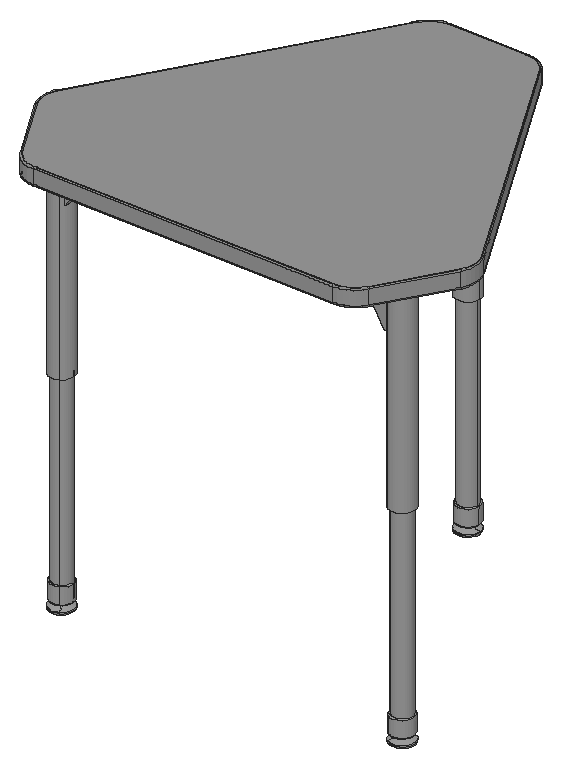
Revit family "Hierarchy Monroe Petite Desk", category Furniture, Revit 2018
Family settings
  Work Plane-Based = No
  Always vertical = Yes
  Cut with Voids When Loaded = No
  Shared = No
  Room Calculation Point = No
Parameters
  Table Height = 2' - 5"
  Surface = Hierarchy Monroe Petite Desk Surface
  Leg Finish = Hierarchy Leg Platinum
  Edgeband = Hierarchy Monroe Petite Desk Edgeband
  Caster/Glide = Hierarchy Leg - Glide : Hierarchy Leg - Glide
Reference planes (in)
  plane 1 "Center (Front/Back)": y = 0
  plane 2: z = 0
  plane 3 "Center (Left/Right)": x = 0
  plane 4: z = 29
Dimensions and locks (in)
  "Table Height": plane 4 to level
  aligned and locked: plane 2 to level
  aligned and locked: nested 3 to plane 4
Nested families (in)
  nested 1: "Hierarchy Leg - Glide" at (12.00931, -12.55551, 0) x (-0.5, -0.866, 0) z (0, 0, 1), Leg Finish <- "Leg Finish", Leg Height <- "Table Height", type "Hierarchy Leg - Glide"
    with Leg Height 2' - 5", Leg Finish Hierarchy Leg Platinum
  nested 2: "Hierarchy Leg - Glide" at (0, 8.24523, 0), Leg Finish <- "Leg Finish", Leg Height <- "Table Height", type <- "Caster/Glide", type "Hierarchy Leg - Glide"
  nested 3: "Hierarchy Monroe Petite Tabletop" at (0, 0, 5.075), type "Hierarchy Monroe Petite Tabletop"
  nested 4: "Hierarchy Leg - Glide" at (-12.00931, -12.55551, 0) x (0.5, -0.866, 0) z (0, 0, 1), type <- "Caster/Glide", Leg Finish <- "Leg Finish", Leg Height <- "Table Height", type "Hierarchy Leg - Glide"
Definition of nested family "Hierarchy Leg - Glide"
  Parameters (values of type "Hierarchy Leg - Glide")
    Leg Finish [instance] = none
    Leg Height [instance] = 2' - 5"
  Reference planes (in)
    plane 1 "Center (Front/Back)": y = 0
    plane 2: z = 0
    plane 3 "Center (Left/Right)": x = 0
  Forms (in)
    Extrusion 1, solid
      sketch origin (-0.01562, 0, 0) x (1, 0, 0) y (0, 1, 0)
        loop
          circle (0.01563, 0) r 0.67016
      from 0.67618 to 16.17618
    Revolve 2, solid
      sketch origin (0, 0, 0) x (1, 0, 0) y (0, 0, 1)
        loop
          line (-0.73189, 1.80118) -> (-0.79439, 1.73867) -> (-0.79439, 0.61381) -> (-0.73176, 0.55118) -> (-0.125, 0.55118) -> (-0.125, 0.42618) -> (-0.84656, 0.16241) -> (-0.84656, 0.08994) -> (-0.81359, 0) -> (0, 0) -> (0, 1.80118) -> (-0.73189, 1.80118)
        axis (0, 1.80118) -> (0, 0)
      angle from 0 to 360
  Dimensions and locks (in)
    "Leg Height": nested 1 to level
    aligned and locked: plane 2 to level
  Automatic sketch dimensions
    plane 1 "Center (Front/Back)" to Extrusion 1 sketch curve = 0' - 0"
    Extrusion 1 sketch curve to plane 3 "Center (Left/Right)" = 0' - 0"
    Revolve 2 sketch curve to level = 0' - 0"
    Revolve 2 sketch curve to plane 3 "Center (Left/Right)" = 0' - 0"  (x2)
    Revolve 2 sketch curve to plane 3 "Center (Left/Right)" = 0' - 0 1/8"
    Revolve 2 sketch curve to Revolve 2 sketch curve = 0' - 0.60676"
    Revolve 2 sketch curve to Revolve 2 sketch curve = 0' - 0.73189"
    Revolve 2 sketch curve to Revolve 2 sketch curve = 0' - 0.06263"  (x2)
    Revolve 2 sketch curve to Revolve 2 sketch curve = 0' - 0.08183"
    Revolve 2 sketch curve to Revolve 2 sketch curve = 0' - 0.03297"
    level to Revolve 2 sketch curve = 0' - 0.08994"
    Revolve 2 sketch curve to Revolve 2 sketch curve = 0' - 0.07247"
    level to Revolve 2 sketch curve = 0' - 0.42618"
    Revolve 2 sketch curve to Revolve 2 sketch curve = 0' - 0 1/8"
    Revolve 2 sketch curve to Revolve 2 sketch curve = 0' - 1.12486"
    Revolve 2 sketch curve to Revolve 2 sketch curve = 0' - 0 1/16"
    Revolve 2 sketch curve to level = 2' - 0"
    Revolve 2 sketch curve to Revolve 2 sketch curve = 8' - 4.91764"
    radius of Extrusion 1 sketch curve = 0' - 0.67016"
  Nested families (in)
    nested 1: "Hierarchy Upper Leg 2023" at (0, 0, 1.19783), Shapes Leg Finish <- "Leg Finish", type "Hierarchy Upper Leg 2023"
      with Shapes Leg Finish none
  Definition of nested family "Hierarchy Upper Leg 2023"
    Parameters (values of type "Hierarchy Upper Leg 2023")
      Shapes Leg Finish [instance] = none
    Reference planes (in)
      plane 1 "Center (Front/Back)": y = 0
      plane 2: z = 0
      plane 3 "Center (Left/Right)": x = 0
    Forms (in)
      Extrusion 1, solid, material <- "Shapes Leg Finish"
        sketch origin (0, 0, 0) x (1, 0, 0) y (0, 1, 0)
          loop
            circle (0, 0) r 0.84802
        from 13.67618 to 27.67618
      Extrusion 2, solid, material <- "Shapes Leg Finish"
        sketch origin (0, 0, 0) x (1, 0, 0) y (0, 1, 0)
          loop
            line (-1.70174, 0.19183) -> (-2.88626, -2.26116)
            arc (-2.88626, -2.26116) -> (-2.83993, -3.09822) -> (-2.1063, -3.50394) r 0.86614
            line (-2.1063, -3.50394) -> (2.1063, -3.50394)
            arc (2.1063, -3.50394) -> (2.83993, -3.09822) -> (2.88626, -2.26116) r 0.86614
            line (2.88626, -2.26116) -> (1.70174, 0.19183)
            arc (1.70174, 0.19183) -> (0, 1.25984) -> (-1.70174, 0.19183) r 1.88976
        from 27.67618 to 27.80217
      Extrusion 3, solid, material <- "Shapes Leg Finish"
        sketch origin (-1.48519, 8.66524, 0) x (-0.434844, 0.900506, 0) y (0, 0, 1)
          loop
            line (-9.01425, 27.67618) -> (-11.80952, 27.67618)
            arc (-11.80952, 27.67618) -> (-11.92325, 27.58993) -> (-11.87088, 27.45715) r 0.11811
            arc (-11.87088, 27.45715) -> (-10.39364, 26.29679) -> (-9.23328, 24.81955) r 7.87402
            arc (-9.23328, 24.81955) -> (-9.1005, 24.76717) -> (-9.01425, 24.88091) r 0.11811
            line (-9.01425, 24.88091) -> (-9.01425, 27.67618)
        from -1.94075 to -1.81476
      Extrusion 4, solid, material <- "Shapes Leg Finish"
        sketch origin (1.48519, 8.66524, 0) x (0.434844, 0.900506, 0) y (0, 0, -1)
          loop
            line (-9.01425, -27.67618) -> (-9.01425, -24.88091)
            arc (-9.01425, -24.88091) -> (-9.1005, -24.76717) -> (-9.23328, -24.81955) r 0.11811
            arc (-9.23328, -24.81955) -> (-10.39364, -26.29679) -> (-11.87088, -27.45715) r 7.87402
            arc (-11.87088, -27.45715) -> (-11.92325, -27.58993) -> (-11.80952, -27.67618) r 0.11811
            line (-11.80952, -27.67618) -> (-9.01425, -27.67618)
        from -1.94075 to -1.81476
    Dimensions and locks (in)
      aligned and locked: plane 2 to level
Definition of nested family "Hierarchy Monroe Petite Tabletop"
  Parameters (values of type "Hierarchy Monroe Petite Tabletop")
    Surface = none
    Edgeband = none
  Reference planes (in)
    plane 1 "Center (Front/Back)": y = 0
    plane 2: z = 0
    plane 3 "Center (Left/Right)": x = 0
  Forms (in)
    Extrusion 1, solid, material <- "Surface"
      sketch origin (0, 0, 0) x (1, 0, 0) y (0, 1, 0)
        loop
          line (2.71892, 10.04523) -> (-2.71892, 10.04523)
          arc (-2.71892, 10.04523) -> (-3.67064, 9.79022) -> (-4.36734, 9.09351) r 1.90344
          line (-4.36734, 9.09351) -> (-14.92626, -9.19507)
          arc (-14.92626, -9.19507) -> (-15.18128, -10.14679) -> (-14.92626, -11.09851) r 1.90344
          line (-14.92626, -11.09851) -> (-12.20734, -15.80782)
          arc (-12.20734, -15.80782) -> (-11.51064, -16.50452) -> (-10.55892, -16.75954) r 1.90344
          line (-10.55892, -16.75954) -> (10.55892, -16.75954)
          arc (10.55892, -16.75954) -> (11.51064, -16.50452) -> (12.20734, -15.80782) r 1.90344
          line (12.20734, -15.80782) -> (14.92626, -11.09851)
          arc (14.92626, -11.09851) -> (15.18128, -10.14679) -> (14.92626, -9.19507) r 1.90344
          line (14.92626, -9.19507) -> (4.36734, 9.09351)
          arc (4.36734, 9.09351) -> (3.67064, 9.79022) -> (2.71892, 10.04523) r 1.90344
      from 23.925 to 25.125
    Sweep 2, solid, material <- "Edgeband"
      path origin (0, 0, 0) x (1, 0, 0) y (0, 1, 0)
        loop
          line (2.71892, 10.04523) -> (-2.71892, 10.04523)
          arc (-2.71892, 10.04523) -> (-3.67064, 9.79022) -> (-4.36734, 9.09351) r 1.90344
          line (-4.36734, 9.09351) -> (-14.92626, -9.19507)
          arc (-14.92626, -9.19507) -> (-15.18128, -10.14679) -> (-14.92626, -11.09851) r 1.90344
          line (-14.92626, -11.09851) -> (-12.20734, -15.80782)
          arc (-12.20734, -15.80782) -> (-11.51064, -16.50452) -> (-10.55892, -16.75954) r 1.90344
          line (-10.55892, -16.75954) -> (10.55892, -16.75954)
          arc (10.55892, -16.75954) -> (11.51064, -16.50452) -> (12.20734, -15.80782) r 1.90344
          line (12.20734, -15.80782) -> (14.92626, -11.09851)
          arc (14.92626, -11.09851) -> (15.18128, -10.14679) -> (14.92626, -9.19507) r 1.90344
          line (14.92626, -9.19507) -> (4.36734, 9.09351)
          arc (4.36734, 9.09351) -> (3.67064, 9.79022) -> (2.71892, 10.04523) r 1.90344
      profile origin (0, 10.04523, 0) x (0, -1, 0) y (0, 0, 1)
        loop
          arc (0, 25.125) -> (-0.07071, 25.09571) -> (-0.1, 25.025) r 0.1
          line (-0.1, 25.025) -> (-0.1, 24.025)
          arc (-0.1, 24.025) -> (-0.07071, 23.95429) -> (0, 23.925) r 0.1
          line (0, 23.925) -> (0, 25.125)
  Dimensions and locks (in)
    aligned and locked: plane 2 to level
